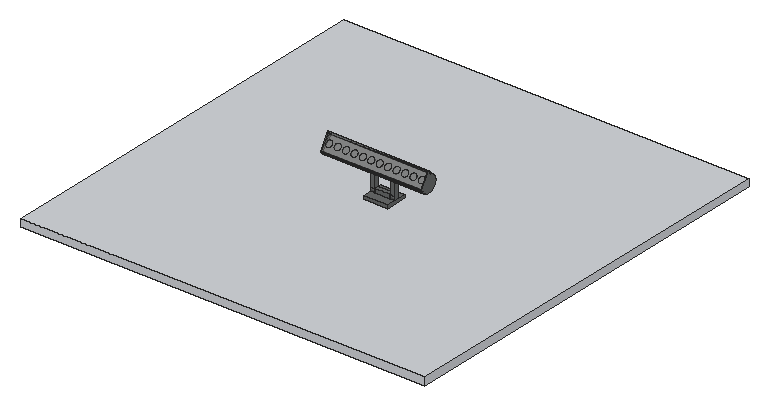
Revit family "INT-2", category Lighting Fixtures, host Face, Revit 2014
Parameters (values of type "INT")
  zz Angle = if(Angle Tilt < 0.5°, 0.5°, if(Angle Tilt > 89.5°, 89.5°, Angle Tilt))  # 45°
  Wings = Paint - Hubbell - Light Silver
  Width = 3.875"
  Watts = 15 W
  Wattage Comments = "15W"
  Warranty = "5 years Warranty"  # constant formula
  Voltage = 120 V
  URL = "https://www.hubbell.com/kimlighting/en/"
  Reflector Finish = Hubbell - White Glass
  Product White URL = "https://www.hubbell.com/kimlighting/en/p/6139252"
  Product RGWB URL = "https://www.hubbell.com/kimlighting/en/p/6139254"
  Product Family URL = "https://www.hubbell.com/kimlighting/en/p/6139241"
  Power Factor = 1
  Mounting = Paint - Hubbell - Light Silver
  Model = "INT-2"  # constant formula
  Manufacturer = "Kim Lighting"  # constant formula
  Load Classification = Lighting
  Length = 24.000"
  Lamp = "LED"  # constant formula
  Housing Material = Paint - Hubbell - Basic Black Textured
  Glass = Hubbell - Glass
  Fixture distribution = "Direct"  # constant formula
  Height = 6.000"
  Features = "Architectural linear product for wall and ground mounting\r\napplications such as sign lighting, wall washing, wall grazing, and\r\nbuilding accent lighting\r\n• IP66 rated product with linear run capabilities\r\n• Lumen range from 657 to 3,271 lm"  # constant formula
  Description = "Intent"  # constant formula
  Default Elevation = 48.000"
  Copyright = " ©2020 Kim Lighting, a division of Hubbell Lighting, Inc"  # constant formula
  Contact = "https://www.hubbell.com/kimlighting/en/contactUs"
  Connector Description = "Lighting Connector"  # constant formula
  Assembly Code = "D5020200"
  Apparent Load = Watts / Power Factor  # 15 VA
  Angle Tilt = 45°
Reference planes (in)
  plane 1 "Center (Front/Back)": y = 0
  plane 2: z = 0.5561
  plane 3 "Center (Left/Right)": x = 0
  plane 4: z = -5.92028
  plane 5: z = 6.5561
  plane 6: y = 2.5249
  plane 7: y = -2.5249
  plane 8: y = -1.9375
  plane 9: y = 1.9375
  plane 10: z = 16.60335
  plane 11: x = -12
  plane 12: x = 12
  plane 13: x = -8
  plane 14: x = 8
  plane 15: x = -2.9
  plane 16: x = 2.9
  plane 17: z = 1.3061
  plane 18: z = 5.5561
Forms (in)
  Extrusion 1, solid
    sketch origin (0, 0, 0) x (1, 0, 0) y (0, 1, 0)
      loop
        line (-48, 48) -> (-48, -48) -> (48, -48) -> (48, 48) -> (-48, 48)
    from 0.5561 to -1.25
  Extrusion 2, solid, material "Paint - Hubbell - Basic Black Textured" <- "Housing Material"
    sketch origin (0, 0, 0) x (1, 0, 0) y (0, 1, 0)
      loop
        line (-2.9, 2.5249) -> (-2.9, -2.5249) -> (2.9, -2.5249) -> (2.9, 2.5249) -> (-2.9, 2.5249)
    from 0.5561 to 1.3061
  Extrusion 3, solid, material "Paint - Hubbell - Basic Black Textured" <- "Housing Material"
    sketch origin (-9.1903, -0.03381, -5.03125) x (0, 1, 0) y (0, 0, -1)
      loop
        arc (0.41381, -7.14661) -> (0.03381, -6.27166) -> (-0.3462, -7.14661) r 0.52
        line (-0.3462, -7.14661) -> (-0.3462, -10.95669)
        arc (-0.3462, -10.95669) -> (0.03381, -11.83164) -> (0.41381, -10.95669) r 0.52
        line (0.41381, -10.95669) -> (0.41381, -7.14661)
    from -7.25042 to -6.2903
  Extrusion 4, solid, material "Paint - Hubbell - Basic Black Textured" <- "Housing Material"
    sketch origin (-9.05527, -0.03381, 10.9339) x (0, 1, 0) y (-1, 0, 0)
      loop
        arc (0.41381, -7.36435) -> (0.30251, -7.09565) -> (0.03381, -6.98435) r 0.38001
        arc (0.03381, -6.98435) -> (-0.2349, -7.09565) -> (-0.3462, -7.36435) r 0.38001
        line (-0.3462, -7.36435) -> (-0.3462, -10.67608)
        arc (-0.3462, -10.67608) -> (-0.2349, -10.94478) -> (0.03381, -11.05608) r 0.38001
        arc (0.03381, -11.05608) -> (0.30251, -10.94478) -> (0.41381, -10.67608) r 0.38001
        line (0.41381, -10.67608) -> (0.41381, -7.36435)
    from -5.3778 to -4.3778
  Extrusion 5, solid, material "Paint - Hubbell - Basic Black Textured" <- "Housing Material"
    sketch origin (-9.05527, -0.03381, 7.0589) x (0, 1, 0) y (-1, 0, 0)
      loop
        arc (0.41381, -7.40383) -> (0.30251, -7.13513) -> (0.03381, -7.02382) r 0.38001
        arc (0.03381, -7.02382) -> (-0.2349, -7.13513) -> (-0.3462, -7.40383) r 0.38001
        line (-0.3462, -7.40383) -> (-0.3462, -10.69582)
        arc (-0.3462, -10.69582) -> (-0.2349, -10.96452) -> (0.03381, -11.07582) r 0.38001
        arc (0.03381, -11.07582) -> (0.30251, -10.96452) -> (0.41381, -10.69582) r 0.38001
        line (0.41381, -10.69582) -> (0.41381, -7.40383)
    from -5.7528 to -4.7528
  Extrusion 6, solid, material "Paint - Hubbell - Basic Black Textured" <- "Housing Material"
    sketch origin (9.1903, -0.03381, -5.03125) x (0, 1, 0) y (0, 0, 1)
      loop
        line (0.41381, 7.14661) -> (0.41381, 10.95669)
        arc (0.41381, 10.95669) -> (0.03381, 11.83164) -> (-0.3462, 10.95669) r 0.52
        line (-0.3462, 10.95669) -> (-0.3462, 7.14661)
        arc (-0.3462, 7.14661) -> (0.03381, 6.27166) -> (0.41381, 7.14661) r 0.52
    from -7.24157 to -6.2903
Dimensions and locks (in)
  plane 2 to plane 4 = 6.47638"
  "Height": plane 5 to Extrusion 1
  equal spacing: plane 7, plane 1 "Center (Front/Back)", plane 6
  plane 7 to plane 6 = 5.0498"
  "Width": plane 9 to plane 8
  equal spacing: plane 9, plane 1 "Center (Front/Back)", plane 8
  equal spacing: plane 12, plane 3 "Center (Left/Right)", plane 11
  "Length": plane 12 to plane 11
  locked: plane 13 to plane 11 at 4
  locked: plane 12 to plane 14 at 4
  plane 6 to plane 7 = 5.0498"
  locked: plane 5 to plane 18 at 1
  "zz Angle": angle plane 5 to nested 1
  aligned and locked: plane 2 to Extrusion 1
  aligned and locked: nested 1 to plane 5
  aligned and locked: Extrusion 4 to plane 18
  aligned and locked: Extrusion 4 to plane 5
Automatic sketch dimensions
  Extrusion 1 sketch curve to Extrusion 1 sketch curve = 96.000"  (x2)
  plane 7 to Extrusion 2 sketch curve = 0.000"
  Extrusion 2 sketch curve to plane 15 = 0.000"
  Extrusion 2 sketch curve to plane 16 = 0.000"
  plane 6 to Extrusion 2 sketch curve = 0.000"
  Extrusion 3 sketch curve to plane 1 "Center (Front/Back)" = 0.000"  (x2)
  plane 1 "Center (Front/Back)" to Extrusion 3 sketch curve = 0.38001"
  Extrusion 3 sketch curve to plane 1 "Center (Front/Back)" = 0.38001"
  Extrusion 3 sketch curve to Extrusion 3 sketch curve = 0.35496"
  Extrusion 3 sketch curve to plane 17 = 0.80926"
  Extrusion 3 sketch curve to plane 17 = 0.45431"
  Extrusion 4 sketch curve to Extrusion 4 sketch curve = 0.000"  (x4)
  plane 1 "Center (Front/Back)" to Extrusion 4 sketch curve = 0.000"
  Extrusion 4 sketch curve to Extrusion 4 sketch curve = 0.38001"
  Extrusion 4 sketch curve to plane 16 = 1.27919"
  plane 15 to Extrusion 4 sketch curve = 1.20909"
  Extrusion 5 sketch curve to Extrusion 5 sketch curve = 0.000"  (x4)
  plane 1 "Center (Front/Back)" to Extrusion 5 sketch curve = 0.000"
  Extrusion 5 sketch curve to Extrusion 5 sketch curve = 0.38001"
  Extrusion 5 sketch curve to plane 16 = 1.25945"
  plane 15 to Extrusion 5 sketch curve = 1.24856"
  Extrusion 6 sketch curve to plane 1 "Center (Front/Back)" = 0.000"  (x2)
  plane 1 "Center (Front/Back)" to Extrusion 6 sketch curve = 0.38001"
  Extrusion 6 sketch curve to plane 1 "Center (Front/Back)" = 0.38001"
  Extrusion 6 sketch curve to plane 17 = 0.45431"
  Extrusion 6 sketch curve to Extrusion 6 sketch curve = 0.35496"
  plane 5 to Extrusion 3 sketch curve = 0.63067"
  plane 5 to Extrusion 6 sketch curve = 0.63067"
  plane 5 to Extrusion 6 sketch curve = 0.27571"
Nested families (in)
  nested 1: "Family2" at (1.10236, 0.3203, 6.5561) x (0, -0.7071, 0.7071) z (-1, 0, 0), type "Family2"
Connectors (in)
  electrical at (0, 0, 0.5561), driven by "Voltage", driven by "Apparent Load", driven by "Power Factor", driven by "Connector Description"
    settings: on Extrusion 2, index 1, voltage 120 V, apparent load 15 VA, apparent load phase1 0 VA, apparent load phase2 0 VA, apparent load phase3 0 VA, power factor 1, load classification "Other", number of poles 1, system type 30, power factor state 1, is connector primary yes, connector utility no, sub classification motor no, connector description "Lighting Connector"
Definition of nested family "Family2"
  Parameters (values of type "Family2")
    Wattage = 25 W
    built-in parameter 1150110 = 1 (stored number, unit not read)
    built-in parameter 1114217 = 1 (stored number, unit not read)
    Tilt Angle = 60°
    built-in parameter 1150109 = 1 (stored number, unit not read)
    built-in parameter 1150134 = 3
    built-in parameter 1150113 = 1 (stored number, unit not read)
    Photometric Web File = "INT-2-24L-30-3K7-WG.ies"
    built-in parameter 1150105 = 295.51 (stored number, unit not read)
    Lumens = 3713.55 lm
    built-in parameter 1150115 = 1 (stored number, unit not read)
    built-in parameter 1150137 = (empty or 0)
    built-in parameter 1150139 = (empty or 0)
    built-in parameter 1150112 = 1 (stored number, unit not read)
    built-in parameter 1150114 = 1 (stored number, unit not read)
    built-in parameter 1150132 = (empty or 0)
    built-in parameter 1150102 = (empty or 0)
    built-in parameter 1150107 = 3200 (stored number, unit not read)
    built-in parameter 1150138 = (empty or 0)
    built-in parameter 1150106 = 2.9551 (stored number, unit not read)
    Housing = Paint - Hubbell - Basic Black Textured
    Glass = Hubbell - Glass
    built-in parameter 1150104 = 13.8 (stored number, unit not read)
    Dimming Lamp Color Temperature Shift = (empty or 0)
    Default Elevation = 48.000"
    Color Filter = 16777215
    built-in parameter 1114218 = 1 (stored number, unit not read)
    built-in parameter 1150133 = 10 (stored number, unit not read)
  Reference planes (in)
    plane 1 "Center (Front/Back)": y = 0
    plane 2: z = 0
    plane 3 "Center (Left/Right)": x = 0
  Forms (in)
    Extrusion 1, solid
      sketch origin (0, 0, 0) x (1, 0, 0) y (0, 1, 0)
        loop
          line (-48, 48) -> (-48, -48) -> (48, -48) -> (48, 48) -> (-48, 48)
      from 0 to -12
    Extrusion 2, solid, material "Paint - Hubbell - Basic Black Textured" <- "Housing"
      sketch origin (-11.61927, -0.13326, 1.10236) x (0.008677, -0.999962, 0) y (0.999962, 0.008677, 0)
        loop
          line (-1.9375, 16.60335) -> (-1.9375, 14.58076)
          arc (-1.9375, 14.58076) -> (0.00667, 12.63658) -> (1.95085, 14.58076) r 1.94417
          line (1.95085, 14.58076) -> (1.95085, 14.78758)
          arc (1.95085, 14.78758) -> (1.89614, 14.83995) -> (1.95085, 14.89233) r 0.05243
          line (1.95085, 14.89233) -> (1.95085, 14.94535)
          arc (1.95085, 14.94535) -> (1.89751, 14.99776) -> (1.95085, 15.05018) r 0.05243
          line (1.95085, 15.05018) -> (1.95085, 15.10316)
          arc (1.95085, 15.10316) -> (1.89888, 15.15558) -> (1.95085, 15.208) r 0.05243
          line (1.95085, 15.208) -> (1.95085, 15.65069) -> (1.73341, 15.70895) -> (1.73341, 15.52932) -> (-1.73341, 15.52932) -> (-1.73341, 16.56736) -> (-1.9375, 16.60335)
      from -12 to 12
    Extrusion 3, solid, material "Paint - Hubbell - Basic Black Textured" <- "Housing"
      sketch origin (-11.61927, -0.13326, 1.10236) x (0.008677, -0.999962, 0) y (0.999962, 0.008677, 0)
        loop
          line (-1.9375, 16.60335) -> (-1.9375, 14.58076)
          arc (-1.9375, 14.58076) -> (0.00667, 12.63658) -> (1.95085, 14.58076) r 1.94417
          line (1.95085, 14.58076) -> (1.95085, 14.78758)
          arc (1.95085, 14.78758) -> (1.89614, 14.83955) -> (1.95005, 14.89236) r 0.05243
          line (1.95005, 14.89236) -> (1.95051, 14.94534)
          arc (1.95051, 14.94534) -> (1.89751, 14.99793) -> (1.95085, 15.05018) r 0.05243
          line (1.95085, 15.05018) -> (1.95085, 15.10316)
          arc (1.95085, 15.10316) -> (1.89888, 15.15558) -> (1.95085, 15.208) r 0.05243
          line (1.95085, 15.208) -> (1.95085, 15.65069) -> (-1.9375, 16.60335)
      from 11.8 to 12
    Extrusion 4, solid, material "Paint - Hubbell - Basic Black Textured" <- "Housing"
      sketch origin (-11.61927, -0.13326, 1.10236) x (-0.999962, -0.008677, 0) y (0.008677, -0.999962, 0)
        loop
          line (-16.60335, -1.9375) -> (-14.58076, -1.9375)
          arc (-14.58076, -1.9375) -> (-12.63658, 0.00667) -> (-14.58076, 1.95085) r 1.94417
          line (-14.58076, 1.95085) -> (-14.78758, 1.95085)
          arc (-14.78758, 1.95085) -> (-14.83995, 1.89614) -> (-14.89233, 1.95085) r 0.05243
          line (-14.89233, 1.95085) -> (-14.94535, 1.95085)
          arc (-14.94535, 1.95085) -> (-14.99776, 1.89751) -> (-15.05018, 1.95085) r 0.05243
          line (-15.05018, 1.95085) -> (-15.10316, 1.95085)
          arc (-15.10316, 1.95085) -> (-15.15558, 1.89888) -> (-15.208, 1.95085) r 0.05243
          line (-15.208, 1.95085) -> (-15.65069, 1.95085) -> (-16.60335, -1.9375)
      from 11.8 to 12
    Extrusion 5, solid, material "Hubbell - Glass" <- "Glass"
      sketch origin (-11.61927, -0.13326, 1.10236) x (0, 0, 1) y (0.008677, -0.999962, 0)
        loop
          line (12, 1.95085) -> (-12, 1.95085) -> (-12, -1.76075) -> (12, -1.76075) -> (12, 1.95085)
      from 15.55834 to 15.65508
    Extrusion 6, solid, material "Paint - Hubbell - Basic Black Textured" <- "Housing"
      sketch origin (-12.05675, -0.13706, 1.10236) x (0.008677, -0.999962, 0) y (0.999962, 0.008677, 0)
        loop
          line (-1.28244, 13.69502) -> (-1.28244, 13.00042)
          arc (-1.28244, 13.00042) -> (-0.03244, 12.05749) -> (1.21756, 13.00042) r 1.3
          line (1.21756, 13.00042) -> (1.21756, 13.69502) -> (-1.28244, 13.69502)
      from -8 to 8
    Extrusion 7, solid, material "Hubbell - Glass" <- "Glass"
      sketch origin (-11.61927, -0.13326, 1.10236) x (0, 0, 1) y (0.008677, -0.999962, 0)
        loop
          circle (-11, 0) r 0.75
        loop
          circle (-9, 0) r 0.75
        loop
          circle (-7, 0) r 0.75
        loop
          circle (-5, 0) r 0.75
        loop
          circle (-3, 0) r 0.75
        loop
          circle (-1, 0) r 0.75
        loop
          circle (1, 0) r 0.75
        loop
          circle (3, 0) r 0.75
        loop
          circle (5, 0) r 0.75
        loop
          circle (7, 0) r 0.75
        loop
          circle (9, 0) r 0.75
        loop
          circle (11, 0) r 0.75
      from 15.55834 to 15.65508
    Extrusion 8, solid, material "Paint - Hubbell - Basic Black Textured" <- "Housing"
      sketch origin (-11.61927, -0.13326, -22.71014) x (0.008677, -0.999962, 0) y (0.999962, 0.008677, 0)
        loop
          line (-1.9375, 16.60335) -> (-1.9375, 14.58076)
          arc (-1.9375, 14.58076) -> (0.00667, 12.63658) -> (1.95085, 14.58076) r 1.94417
          line (1.95085, 14.58076) -> (1.95085, 14.78758)
          arc (1.95085, 14.78758) -> (1.89614, 14.83995) -> (1.95085, 14.89233) r 0.05243
          line (1.95085, 14.89233) -> (1.95085, 14.94535)
          arc (1.95085, 14.94535) -> (1.89751, 14.99776) -> (1.95085, 15.05018) r 0.05243
          line (1.95085, 15.05018) -> (1.95085, 15.10316)
          arc (1.95085, 15.10316) -> (1.89888, 15.15558) -> (1.95085, 15.208) r 0.05243
          line (1.95085, 15.208) -> (1.95085, 15.65069) -> (-1.9375, 16.60335)
      from 11.8 to 12
    Extrusion 9, void
      sketch origin (0, 0.3125, 0) x (0, 1, 0) y (0, 0, 1)
        loop
          circle (-1.38482, 1.10236) r 0.125
        loop
          circle (-1.38482, 8.10236) r 0.125
        loop
          circle (-1.38482, -5.89764) r 0.125
        loop
          circle (0.80743, 1.10236) r 0.125
        loop
          circle (0.80743, 8.10236) r 0.125
        loop
          circle (0.80743, -5.89764) r 0.125
      from -0.15201 to 1.38325
  Cuts and joins
    Extrusion 9 cuts Extrusion 2
    Extrusion 9 cuts Extrusion 5
    Extrusion 9 cuts Extrusion 6
  Lines and regions (in)
    reference lines
      curve 1: line (0, 0, 1.10236) -> (6.25, 0, 1.10236)
      curve 2: line (0, 0, 102.71882) -> (0, 0, -24)
  Dimensions and locks (in)
    curve 2 to cut or joined group of Extrusion 6, Extrusion 9 = 1.38325"
    aligned and locked: plane 2 to Extrusion 1
    aligned and locked: level to Extrusion 1
    aligned and locked: Extrusion 3 to Extrusion 2
